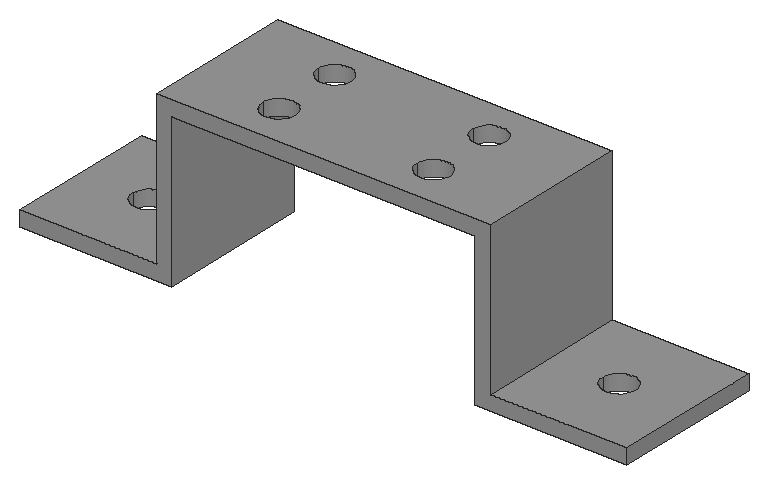
Revit family "Potential- und Erdanschlussblock FT", category Generic Models, Revit 2015
Parameters (values of type "1805 2 FT")
  Width = 50 mm
  URL = "http://www.obo-bettermann.com"
  Material = Steel, Galvanized
  Manufacturer Art.No. = "5016029"
  Manufacturer = "OBO Bettermann"
  Length 1 = 200 mm
  Length = 110 mm
  Height = 55 mm
  GTIN = "4012195379096"
  Article Type = "1805 2 FT"
Types (4, lengths in mm): name | Manufacturer Art.No. | Length 1 | Length | GTIN | Article Type
  (no name) | "5016029" | 200 | 110 | "4012195379096" | "1805 2 FT"
  1805 2 FT | "5016029" | 200 | 110 | "4012195379096" | "1805 2 FT"
  1805 4 FT | "5016037" | 302 | 212 | "4012195379157" | "1805 4 FT"
  1805 6 FT | "5016045" | 404 | 314 | "4012195379218" | "1805 6 FT"
Reference planes
  plane 1 "Center (Front/Back)": y = 0
  plane 2: z = 0
  plane 3 "Center (Left/Right)": x = 0
  plane 4: y = 25
  plane 5: y = -25
Forms (mm)
  Extrusion 1, solid, material "Steel, Galvanized" <- "Material"
    sketch origin (0, 0, 0) x (1, 0, 0) y (0, 0, 1)
      loop
        line (-55, 5) -> (-100, 5) -> (-100, 0) -> (-50, 0) -> (-50, 50) -> (50, 50) -> (50, 0) -> (100, 0) -> (100, 5) -> (55, 5) -> (55, 55) -> (-55, 55) -> (-55, 5)
    from -25 to 25
  Extrusion 2, void
    sketch origin (0, 0, 0) x (1, 0, 0) y (0, 1, 0)
      loop
        circle (-25.5, 11.5) r 5.5
      loop
        circle (25.5, 11.5) r 5.5
      loop
        circle (76.5, 11.5) r 5.5
      loop
        circle (127.5, 11.5) r 5.5
      loop
        circle (178.5, 11.5) r 5.5
      loop
        circle (229.5, 11.5) r 5.5
      loop
        circle (-25.5, -11.5) r 5.5
      loop
        circle (25.5, -11.5) r 5.5
      loop
        circle (76.5, -11.5) r 5.5
      loop
        circle (127.5, -11.5) r 5.5
      loop
        circle (178.5, -11.5) r 5.5
      loop
        circle (229.5, -11.5) r 5.5
    from 50 to 55
  Extrusion 3, void
    sketch origin (0, 0, 0) x (1, 0, 0) y (0, 1, 0)
      loop
        circle (-77.5, 0) r 5.5
      loop
        circle (77.5, 0) r 5.5
    from 0 to 5
Cuts and joins
  Extrusion 2, Extrusion 3 cuts Extrusion 1
Dimensions and locks
  "Length": Extrusion 1 sketch curve to Extrusion 1 sketch curve
  equal spacing: Extrusion 1 sketch curve, plane 3 "Center (Left/Right)", Extrusion 1 sketch curve  (x2)
  locked: Extrusion 1 sketch curve to level at 5
  "Height": Extrusion 1 sketch curve to level
  "Length 1": Extrusion 1 sketch curve to Extrusion 1 sketch curve
  locked: Extrusion 1 sketch curve to Extrusion 1 sketch curve at 5  (x3)
  "Width": plane 4 to plane 5
  locked: plane 4 to plane 1 "Center (Front/Back)" at 25
  Extrusion 1 to Extrusion 2 sketch curve = 29.5 mm
  locked: Extrusion 1 to Extrusion 2 sketch curve at 13.5  (x2)
  locked: Extrusion 2 sketch curve to Extrusion 2 sketch curve at 51  (x10)
  locked: cut or joined group of Extrusion 1, Extrusion 2, Extrusion 3 to Extrusion 2 sketch curve at 13.5  (x4)
  locked: cut or joined group of Extrusion 1, Extrusion 2, Extrusion 3 to Extrusion 3 sketch curve at 22.5
  locked: Extrusion 3 sketch curve to cut or joined group of Extrusion 1, Extrusion 2, Extrusion 3 at 22.5
  aligned and locked: level to plane 2
  aligned and locked: Extrusion 1 sketch curve to Extrusion 1 sketch curve
  aligned and locked: Extrusion 1 sketch curve to level  (x2)
  aligned and locked: plane 4 to Extrusion 1
  aligned and locked: Extrusion 1 to plane 5
  aligned and locked: Extrusion 1 to Extrusion 2
  aligned and locked: Extrusion 2 to Extrusion 1
  aligned and locked: Extrusion 3 to level
  aligned and locked: Extrusion 3 to Extrusion 1
Automatic sketch dimensions
  plane 1 "Center (Front/Back)" to Extrusion 2 sketch curve = 11.5 mm  (x6)
  Extrusion 2 sketch curve to Extrusion 2 sketch curve = 0 mm
  plane 1 "Center (Front/Back)" to Extrusion 3 sketch curve = 0 mm  (x2)
  radius of Extrusion 2 sketch curve = 5.5 mm  (x12)
  radius of Extrusion 3 sketch curve = 5.5 mm  (x2)
